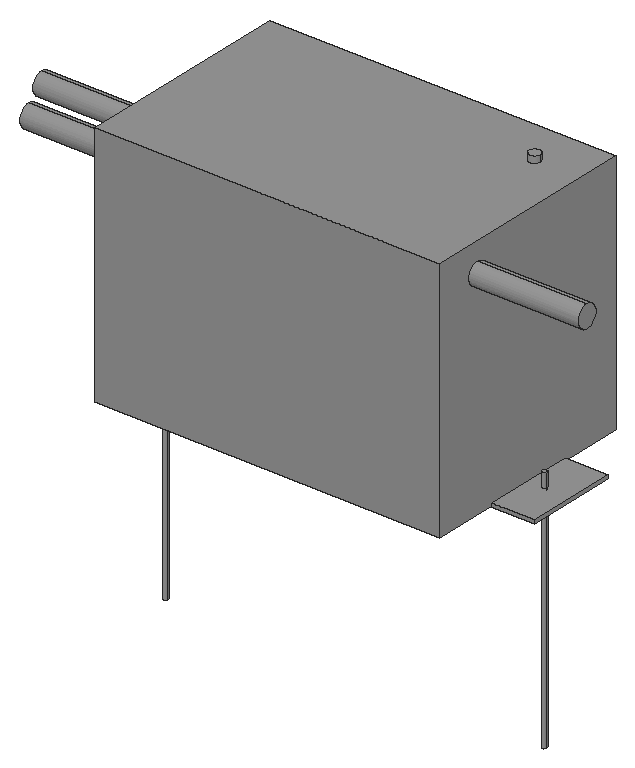
Revit family "Блок-переключатель для 3-х трубных систем EHCH-280D", category Mechanical Equipment, host Face, Revit 2016
Family settings
  Host = Face
  Part Type = Normal
  Round Connector Dimension = Use Diameter
  Cut with Voids When Loaded = No
  Shared = No
  Room Calculation Point = No
Parameters (values of type "EHCH-280D")
  Электропитание, (В) = size_lookup(Таблица электропитание, "", "Не найдено", Артикул)  # "220"
  Эл. питание(коннектор) = 220 V
  Частота сети = size_lookup(Таблица параметров, "Частота сети", 0 Hz, Артикул)  # 50 Hz
  Фаза = 1
  Таблица электропитание = "Электропитание"  # constant formula
  Ширина = size_lookup(Таблица параметров, "Ширина", 0.00 mm, Артикул)  # 301.00 mm
  Таблица частота сети = "Частота сети"  # constant formula
  Таблица наименование = "Наименование"  # constant formula
  Таблица модель = "Модель"  # constant formula
  Таблица параметров = "Таблица параметров"  # constant formula
  Соединительный патрубок трубы газообразного хладагента (низкое давление) [instance] = 19.05 mm
  Соединительный патрубок трубы газообразного хладагента (высокое давление) [instance] = 19.05 mm
  Соединительный патрубок трубы газообразного хладагента [instance] = 19.05 mm
  Расстояние от потолка [instance] = 200.00 mm
  Производитель = "Electrolux"  # constant formula
  Позиция = ""
  Watermarked By = ""
  Default Elevation = 1219.20 mm
  Наименование = size_lookup(Таблица наименование, "", "Не найдено", Артикул)  # "Блок-переключатель для 3-х трубных систем"
  Модель = size_lookup(Таблица модель, "", "Не найдено", Артикул)  # "EHCH-280D"
  Максимальный ток = size_lookup(Таблица параметров, "Максимальный ток", 0 A, Артикул)  # 0.13 A
  Максимальное кол-во подключаемых внутренних блоков, шт = size_lookup(Таблица параметров, "Максимальное количество подключаемых внутренних блоков", 0, Артикул)  # 8
  Максимальная потребляемая мощность = size_lookup(Таблица параметров, "Максимальная потребляемая мощность", 0.00 kW, Артикул)  # 0.02 kW
  Высота = size_lookup(Таблица параметров, "Высота", 0.00 mm, Артикул)  # 191.00 mm
  Глубина = size_lookup(Таблица параметров, "Глубина", 0.00 mm, Артикул)  # 214.00 mm
  Вес = size_lookup(Таблица параметров, "Вес", 0.00 kg, Артикул)  # 7.00 kg
  Артикул = 1040587
Reference planes
  plane 1 "По центру (Вперед/Назад)": y = 0
  plane 2: z = 0
  plane 3 "По центру (Влево/Вправо)": x = 0
  plane 4: x = -165
  plane 5: x = 165
  plane 6: z = 200
  plane 7: z = 215
Forms (mm)
  Extrusion 1, solid, material "Сталь окрашенная, блестящая", detail levels fine
    sketch origin (0, 0, 0) x (1, 0, 0) y (0, 1, 0)
      loop
        circle (-165, 0) r 2
      loop
        circle (165, 0) r 2
    from 0 to 215
  Extrusion 2, solid, material "Сталь окрашенная, блестящая", detail levels medium+fine
    sketch origin (-321.157, -4572, 200) x (-1, 0, 0) y (0, -1, 0)
      loop
        line (-170.657, -4612) -> (-132.657, -4612) -> (-132.657, -4532) -> (-170.657, -4532) -> (-170.657, -4612)
      loop
        line (-471.657, -4612) -> (-471.657, -4532) -> (-509.657, -4532) -> (-509.657, -4612) -> (-471.657, -4612)
    from 0 to 3
Dimensions and locks
  "Расстояние от потолка": plane 6 to host face
  locked: plane 7 to plane 6 at 15
  locked: nested 2 to nested 1 at 40
  locked: nested 1 to nested 2 at 38
  nested 3 to nested 1 = 25.00 mm
  nested 1 to nested 3 = 40.00 mm
  nested 4 to nested 1 = 39.00 mm
  nested 4 to nested 1 = 40.00 mm
  nested 5 to nested 1 = 54.00 mm
  nested 5 to nested 1 = 20.00 mm
  aligned and locked: plane 2 to host face
  aligned and locked: level to host face
  aligned and locked: plane 3 "По центру (Влево/Вправо)" to nested 1
  aligned and locked: plane 1 "По центру (Вперед/Назад)" to nested 1
  aligned and locked: plane 7 to Extrusion 1
Automatic sketch dimensions
  host sketch curve to host sketch curve = 2438.40 mm  (x2)
  plane 1 "По центру (Вперед/Назад)" to Extrusion 1 sketch curve = 0.00 mm  (x2)
  Extrusion 1 sketch curve to plane 4 = 0.00 mm
  Extrusion 1 sketch curve to plane 5 = 0.00 mm
  plane 5 to Extrusion 2 sketch curve = 23.50 mm
  Extrusion 2 sketch curve to plane 5 = 14.50 mm
  plane 4 to Extrusion 2 sketch curve = 14.50 mm
  Extrusion 2 sketch curve to plane 4 = 23.50 mm
  Extrusion 2 sketch curve to plane 1 "По центру (Вперед/Назад)" = 40.00 mm  (x2)
  plane 1 "По центру (Вперед/Назад)" to Extrusion 2 sketch curve = 40.00 mm  (x2)
  radius of Extrusion 1 sketch curve = 2.00 mm  (x2)
Nested families
  nested 1: "Корпус 280D" at (0, 0, 200), Высота блока <- "Высота", Глубина <- "Глубина", Сторона блока <- "Ширина", type "Корпус  280D"
    with Сторона блока 301.00 mm, Глубина 214.00 mm, Высота блока 191.00 mm
  nested 2: "Трубка" at (110.5, 57.5, 414) x (-1, 0, 0) z (0, 0, 1), type "Трубка"
    with Диаметр трубки 10.00 mm
  nested 3: "Трубка 96" at (150.5, -55.5, 389) x (0, 0, -1) z (1, 0, 0), Диаметр трубки <- "Соединительный патрубок трубы газообразного хладагента", type "Трубка 96", detail levels fine
    with Диаметр трубки 19.05 mm
  nested 4: "Трубка 89" at (-150.5, -55.5, 375) x (0, 0, -1) z (-1, 0, 0), Диаметр трубки <- "Соединительный патрубок трубы газообразного хладагента (низкое давление)", type "Трубка 89", detail levels fine
    with Диаметр трубки 19.05 mm
  nested 5: "Трубка 89" at (-150.5, -41.5, 394) x (0, 0, -1) z (-1, 0, 0), Диаметр трубки <- "Соединительный патрубок трубы газообразного хладагента (высокое давление)", type "Трубка 89", detail levels fine
    with Диаметр трубки 19.05 mm
Connectors
  piping at (246.5, -55.5, 389), diameter 19.05, driven by "Соединительный патрубок трубы газообразного хладагента"
    settings: on nested 3, index 1, connector inside diameter 609.6 mm, connector length 0.00 mm, flow factor 0, pipe flow 0 m³/h, pressure drop 0.0 Pa, fitting loss kfactor 0, connector angle 0.00°, fixture units 0, engagement length 0.00 mm, angle of deflection 0.00°, flow configuration 0, flow direction 0, fitting loss method 0, system type 7, joint type 0, gender type 0, connector reference index -1, connector utility 0, adjustable connector no, is connector primary yes, connector description ""
  piping at (-239.5, -41.5, 394), diameter 19.05, driven by "Соединительный патрубок трубы газообразного хладагента (высокое давление)"
    settings: on nested 5, index 2, connector inside diameter 609.6 mm, connector length 0.00 mm, flow factor 0, pipe flow 0 m³/h, pressure drop 0.0 Pa, fitting loss kfactor 0, connector angle 0.00°, fixture units 0, engagement length 0.00 mm, angle of deflection 0.00°, flow configuration 0, flow direction 0, fitting loss method 0, system type 7, joint type 0, gender type 0, connector reference index -1, connector utility 0, adjustable connector no, is connector primary no, connector description ""
  piping at (-239.5, -55.5, 375), diameter 19.05, driven by "Соединительный патрубок трубы газообразного хладагента (низкое давление)"
    settings: on nested 4, index 3, connector inside diameter 609.6 mm, connector length 0.00 mm, flow factor 0, pipe flow 0 m³/h, pressure drop 0.0 Pa, fitting loss kfactor 0, connector angle 0.00°, fixture units 0, engagement length 0.00 mm, angle of deflection 0.00°, flow configuration 0, flow direction 0, fitting loss method 0, system type 7, joint type 0, gender type 0, connector reference index -1, connector utility 0, adjustable connector no, is connector primary no, connector description ""
  electrical at (110.5, 57.5, 419), driven by "Эл. питание(коннектор)", driven by "Фаза", driven by "Максимальная потребляемая мощность"
    settings: on nested 2, index 4, voltage 220 V, apparent load 0 kW, apparent load phase1 0.02 kW, apparent load phase2 0 kW, apparent load phase3 0 kW, power factor 1, load classification "Прочее", number of poles 1, system type 31, power factor state 1, is connector primary yes, connector utility no, sub classification motor no, connector description ""
Definition of nested family "Корпус 280D"
  Parameters (values of type "Корпус  280D")
    Сторона блока [instance] = 301.00 mm
    Watermarked By = ""
    Type Comments = "﻿﻿                             ​                          ​    ​                    ﻿  ​       ​            ﻿      ​        ﻿     ﻿     ﻿    ​     ​     ​ ​ ​     ​     ﻿ ﻿ ​   ﻿ ﻿ ﻿﻿﻿ ﻿ ﻿﻿        ﻿   ​    ﻿﻿"
    Keynote = "﻿﻿                             ​                          ​    ​                    ﻿  ​       ​            ﻿      ​        ﻿     ﻿     ﻿    ​     ​     ​ ​ ​     ​     ﻿ ﻿ ​   ﻿ ﻿ ﻿﻿﻿ ﻿ ﻿﻿        ﻿   ​    ﻿﻿"
    Description = "﻿﻿                             ​                          ​    ​                    ﻿  ​       ​            ﻿      ​        ﻿     ﻿     ﻿    ​     ​     ​ ​ ​     ​     ﻿ ﻿ ​   ﻿ ﻿ ﻿﻿﻿ ﻿ ﻿﻿        ﻿   ​    ﻿﻿"
    Default Elevation = 1219.20 mm
    Глубина [instance] = 214.00 mm
    Высота блока [instance] = 191.00 mm
    Assembly Code = "﻿﻿                             ​                          ​    ​                    ﻿  ​       ​            ﻿      ​        ﻿     ﻿     ﻿    ​     ​     ​ ​ ​     ​     ﻿ ﻿ ​   ﻿ ﻿ ﻿﻿﻿ ﻿ ﻿﻿        ﻿   ​    ﻿﻿"
  Reference planes
    plane 1 "По центру (Вперед/Назад)": y = 0
    plane 2: z = 0
    plane 3 "По центру (Влево/Вправо)": x = 0
    plane 4: y = 95.5
    plane 5: y = -95.5
    plane 6: x = -150.5
    plane 7: x = 150.5
  Forms (mm)
    Extrusion 1, solid
      sketch origin (0, 0, 0) x (1, 0, 0) y (0, 1, 0)
        loop
          line (-1219.2, 1219.2) -> (-1219.2, -1219.2) -> (1219.2, -1219.2) -> (1219.2, 1219.2) -> (-1219.2, 1219.2)
      from 0 to -304.8
    Extrusion 2, solid, detail levels medium+fine
      sketch origin (0, 0, 0) x (1, 0, 0) y (0, 1, 0)
        loop
          line (-150.5, 95.5) -> (-150.5, -95.5) -> (150.5, -95.5) -> (150.5, 95.5) -> (-150.5, 95.5)
      from 0 to 214 <- "Глубина"
  Lines and regions (mm)
    model lines, detail levels coarse
      curve 1: line (150.5, -95.5, 0) -> (150.5, 95.5, 0)
      curve 2: line (150.5, 95.5, 0) -> (150.5, 95.5, 214)
      curve 3: line (150.5, 95.5, 214) -> (150.5, -95.5, 214)
      curve 4: line (150.5, -95.5, 214) -> (150.5, -95.5, 0)
      curve 5: line (-150.5, 95.5, 0) -> (-150.5, -95.5, 0)
      curve 6: line (-150.5, -95.5, 0) -> (-150.5, -95.5, 214)
      curve 7: line (-150.5, -95.5, 214) -> (-150.5, 95.5, 214)
      curve 8: line (-150.5, 95.5, 214) -> (-150.5, 95.5, 0)
      curve 9: line (-150.5, -95.5, 0) -> (150.5, -95.5, 0)
      curve 10: line (150.5, -95.5, 0) -> (150.5, -95.5, 214)
      curve 11: line (150.5, -95.5, 214) -> (-150.5, -95.5, 214)
      curve 12: line (-150.5, -95.5, 214) -> (-150.5, -95.5, 0)
      curve 13: line (-150.5, 95.5, 0) -> (150.5, 95.5, 0)
      curve 14: line (150.5, 95.5, 0) -> (150.5, 95.5, 214)
      curve 15: line (150.5, 95.5, 214) -> (-150.5, 95.5, 214)
      curve 16: line (-150.5, 95.5, 214) -> (-150.5, 95.5, 0)
  Dimensions and locks
    equal spacing: plane 6, plane 3 "По центру (Влево/Вправо)", plane 7
    "Сторона блока": plane 6 to plane 7
    equal spacing: plane 4, plane 1 "По центру (Вперед/Назад)", plane 5
    "Высота блока": plane 4 to plane 5
    aligned and locked: plane 2 to Extrusion 1
    aligned and locked: level to Extrusion 1
    aligned and locked: Extrusion 2 sketch curve to plane 4
    aligned and locked: Extrusion 2 sketch curve to plane 6
    aligned and locked: plane 5 to Extrusion 2 sketch curve
    aligned and locked: plane 7 to Extrusion 2 sketch curve
  Automatic sketch dimensions
    Extrusion 1 sketch curve to Extrusion 1 sketch curve = 2438.40 mm  (x2)
    curve 1 to Extrusion 2 = 0.00 mm  (x2)
    curve 3 to Extrusion 2 = 0.00 mm  (x2)
    curve 5 to Extrusion 2 = 0.00 mm  (x2)
    curve 7 to Extrusion 2 = 0.00 mm  (x2)
    curve 9 to Extrusion 2 = 0.00 mm  (x2)
    curve 11 to Extrusion 2 = 0.00 mm  (x2)
    curve 16 to Extrusion 2 = 0.00 mm  (x2)
    curve 15 to Extrusion 2 = 0.00 mm  (x2)
Definition of nested family "Трубка"
  Parameters (values of type "Трубка")
    Watermarked By = ""
    Type Comments = "﻿﻿                             ​                          ​    ​                    ﻿  ​       ​            ﻿      ​        ﻿     ﻿     ﻿    ​     ​     ​ ​ ​     ​     ﻿ ﻿ ​   ﻿ ﻿ ﻿﻿﻿ ﻿ ﻿﻿        ﻿   ​    ﻿﻿"
    Keynote = "﻿﻿                             ​                          ​    ​                    ﻿  ​       ​            ﻿      ​        ﻿     ﻿     ﻿    ​     ​     ​ ​ ​     ​     ﻿ ﻿ ​   ﻿ ﻿ ﻿﻿﻿ ﻿ ﻿﻿        ﻿   ​    ﻿﻿"
    Description = "﻿﻿                             ​                          ​    ​                    ﻿  ​       ​            ﻿      ​        ﻿     ﻿     ﻿    ​     ​     ​ ​ ​     ​     ﻿ ﻿ ​   ﻿ ﻿ ﻿﻿﻿ ﻿ ﻿﻿        ﻿   ​    ﻿﻿"
    Default Elevation = 1219.20 mm
    Диаметр трубки [instance] = 10.00 mm
    Assembly Code = "﻿﻿                             ​                          ​    ​                    ﻿  ​       ​            ﻿      ​        ﻿     ﻿     ﻿    ​     ​     ​ ​ ​     ​     ﻿ ﻿ ​   ﻿ ﻿ ﻿﻿﻿ ﻿ ﻿﻿        ﻿   ​    ﻿﻿"
  Reference planes
    plane 1 "По центру (Вперед/Назад)": y = 0
    plane 2: z = 0
    plane 3 "По центру (Влево/Вправо)": x = 0
  Forms (mm)
    Extrusion 1, solid
      sketch origin (0, 0, 0) x (1, 0, 0) y (0, 1, 0)
        loop
          line (-1219.2, 1219.2) -> (-1219.2, -1219.2) -> (1219.2, -1219.2) -> (1219.2, 1219.2) -> (-1219.2, 1219.2)
      from 0 to -304.8
    Extrusion 2, solid, detail levels fine
      sketch origin (0, 0, 0) x (1, 0, 0) y (0, 1, 0)
        loop
          circle (0, 0) r 5
      from 0 to 5
  Dimensions and locks
    "Диаметр трубки": diameter of Extrusion 2 sketch curve
    aligned and locked: plane 2 to Extrusion 1
    aligned and locked: level to Extrusion 1
  Automatic sketch dimensions
    Extrusion 1 sketch curve to Extrusion 1 sketch curve = 2438.40 mm  (x2)
    plane 1 "По центру (Вперед/Назад)" to Extrusion 2 sketch curve = 0.00 mm
    Extrusion 2 sketch curve to plane 3 "По центру (Влево/Вправо)" = 0.00 mm
Definition of nested family "Трубка 96"
  Parameters (values of type "Трубка 96")
    Watermarked By = ""
    Type Comments = "﻿﻿                             ​                          ​    ​                    ﻿  ​       ​            ﻿      ​        ﻿     ﻿     ﻿    ​     ​     ​ ​ ​     ​     ﻿ ﻿ ​   ﻿ ﻿ ﻿﻿﻿ ﻿ ﻿﻿        ﻿   ​    ﻿﻿"
    Keynote = "﻿﻿                             ​                          ​    ​                    ﻿  ​       ​            ﻿      ​        ﻿     ﻿     ﻿    ​     ​     ​ ​ ​     ​     ﻿ ﻿ ​   ﻿ ﻿ ﻿﻿﻿ ﻿ ﻿﻿        ﻿   ​    ﻿﻿"
    Description = "﻿﻿                             ​                          ​    ​                    ﻿  ​       ​            ﻿      ​        ﻿     ﻿     ﻿    ​     ​     ​ ​ ​     ​     ﻿ ﻿ ​   ﻿ ﻿ ﻿﻿﻿ ﻿ ﻿﻿        ﻿   ​    ﻿﻿"
    Default Elevation = 1219.20 mm
    Диаметр трубки [instance] = 10.00 mm
    Assembly Code = "﻿﻿                             ​                          ​    ​                    ﻿  ​       ​            ﻿      ​        ﻿     ﻿     ﻿    ​     ​     ​ ​ ​     ​     ﻿ ﻿ ​   ﻿ ﻿ ﻿﻿﻿ ﻿ ﻿﻿        ﻿   ​    ﻿﻿"
  Reference planes
    plane 1 "По центру (Вперед/Назад)": y = 0
    plane 2: z = 0
    plane 3 "По центру (Влево/Вправо)": x = 0
  Forms (mm)
    Extrusion 1, solid
      sketch origin (0, 0, 0) x (1, 0, 0) y (0, 1, 0)
        loop
          line (-1219.2, 1219.2) -> (-1219.2, -1219.2) -> (1219.2, -1219.2) -> (1219.2, 1219.2) -> (-1219.2, 1219.2)
      from 0 to -304.8
    Extrusion 2, solid, detail levels fine
      sketch origin (0, 0, 0) x (1, 0, 0) y (0, 1, 0)
        loop
          circle (0, 0) r 5
      from 0 to 96
  Dimensions and locks
    "Диаметр трубки": diameter of Extrusion 2 sketch curve
    aligned and locked: plane 2 to Extrusion 1
    aligned and locked: level to Extrusion 1
  Automatic sketch dimensions
    Extrusion 1 sketch curve to Extrusion 1 sketch curve = 2438.40 mm  (x2)
    plane 1 "По центру (Вперед/Назад)" to Extrusion 2 sketch curve = 0.00 mm
    Extrusion 2 sketch curve to plane 3 "По центру (Влево/Вправо)" = 0.00 mm
Definition of nested family "Трубка 89"
  Parameters (values of type "Трубка 89")
    Watermarked By = ""
    Type Comments = "﻿﻿                             ​                          ​    ​                    ﻿  ​       ​            ﻿      ​        ﻿     ﻿     ﻿    ​     ​     ​ ​ ​     ​     ﻿ ﻿ ​   ﻿ ﻿ ﻿﻿﻿ ﻿ ﻿﻿        ﻿   ​    ﻿﻿"
    Keynote = "﻿﻿                             ​                          ​    ​                    ﻿  ​       ​            ﻿      ​        ﻿     ﻿     ﻿    ​     ​     ​ ​ ​     ​     ﻿ ﻿ ​   ﻿ ﻿ ﻿﻿﻿ ﻿ ﻿﻿        ﻿   ​    ﻿﻿"
    Description = "﻿﻿                             ​                          ​    ​                    ﻿  ​       ​            ﻿      ​        ﻿     ﻿     ﻿    ​     ​     ​ ​ ​     ​     ﻿ ﻿ ​   ﻿ ﻿ ﻿﻿﻿ ﻿ ﻿﻿        ﻿   ​    ﻿﻿"
    Default Elevation = 1219.20 mm
    Диаметр трубки [instance] = 10.00 mm
    Assembly Code = "﻿﻿                             ​                          ​    ​                    ﻿  ​       ​            ﻿      ​        ﻿     ﻿     ﻿    ​     ​     ​ ​ ​     ​     ﻿ ﻿ ​   ﻿ ﻿ ﻿﻿﻿ ﻿ ﻿﻿        ﻿   ​    ﻿﻿"
  Reference planes
    plane 1 "По центру (Вперед/Назад)": y = 0
    plane 2: z = 0
    plane 3 "По центру (Влево/Вправо)": x = 0
  Forms (mm)
    Extrusion 1, solid
      sketch origin (0, 0, 0) x (1, 0, 0) y (0, 1, 0)
        loop
          line (-1219.2, 1219.2) -> (-1219.2, -1219.2) -> (1219.2, -1219.2) -> (1219.2, 1219.2) -> (-1219.2, 1219.2)
      from 0 to -304.8
    Extrusion 2, solid, detail levels fine
      sketch origin (0, 0, 0) x (1, 0, 0) y (0, 1, 0)
        loop
          circle (0, 0) r 5
      from 0 to 89
  Dimensions and locks
    "Диаметр трубки": diameter of Extrusion 2 sketch curve
    aligned and locked: plane 2 to Extrusion 1
    aligned and locked: level to Extrusion 1
  Automatic sketch dimensions
    Extrusion 1 sketch curve to Extrusion 1 sketch curve = 2438.40 mm  (x2)
    plane 1 "По центру (Вперед/Назад)" to Extrusion 2 sketch curve = 0.00 mm
    Extrusion 2 sketch curve to plane 3 "По центру (Влево/Вправо)" = 0.00 mm
